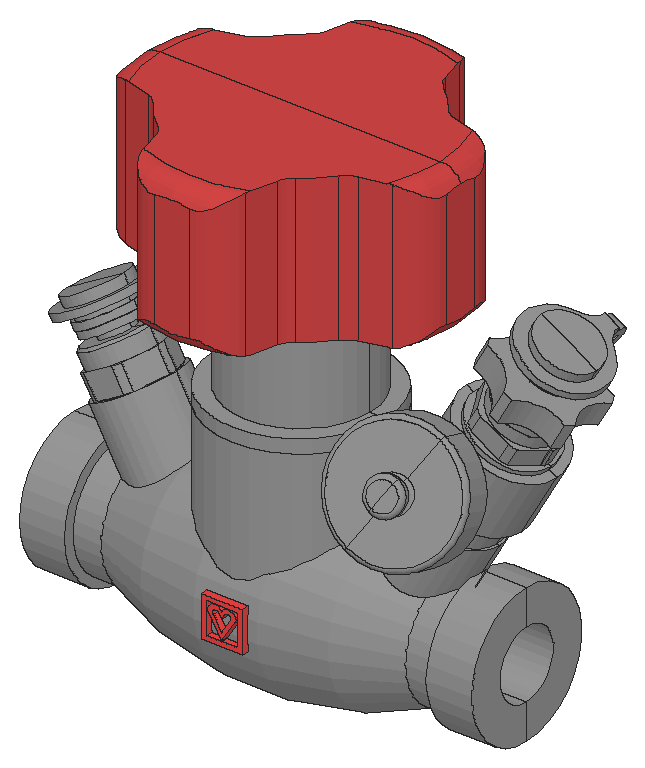
Revit family "HERZ Strömax Commissioning Valve With Test Points, Straight Body 4217 GML (LF-MF)", category Rohrzubehör, Revit 2018
Family settings
  Bemaßung runder Anschluss = Durchmesser verwenden
  Teiletyp = Unterbricht
  OmniClass-Nummer = 23.65.55.14
  OmniClass-Titel = Valves for Liquid Services
  Arbeitsebenenbasiert = Nein
  Immer vertikal = Ja
  Beim Laden mit Abzugskörper schneiden = Nein
  Gemeinsam genutzt = Nein
Parameters (values of type "MF")
  kvs-value [instance] = if(and(LF, Nennweite = 15.00 mm), 0.93, if(and(MF, Nennweite = 15.00 mm), 3.49, 0))  # 3.49
  W02 = 60.00°  # constant formula
  W01 = 30.00°  # constant formula
  URL = "www.herzvalves.com"
  SC_NennweiteBerechnet = 0
  SC_Dimension = ""
  SCRNSEQ = "ARM;ARM_TYP=\"STRV\";2"
  SCRNCODE = "05;07;02"  # constant formula
  S02 = 60.00 mm  # constant formula
  S01 [instance] = H00 + H01  # 68.20 mm
  R01 [instance] = 21.00 mm  # constant formula
  Part number [instance] = if(and(LF, Nennweite = 15.00 mm), 1421710, if(and(MF, Nennweite = 15.00 mm), 1421719, 0))  # 1421719
  Nennweite [instance] = 15.00 mm
  Model = "STRÖMAX-GML commissioning valve with test points and capillary connection 1/2′′ – 3′′:\r\nScrew down model, brass version, socket x socket, non-rising spindle, spindle seal by means of double-O-ring, presetting by limitation of valve lift by means of internal spindle;\r\ndigital display of presetting step at the hand wheel window.\r\nOne standard test point and one test point fitted with a capillary connection are located adjacent to the hand wheel."
  Medium = "Water purity in accordance with the OeNORM H5195 and VDI 2035 standards.\r\nEthylene and propylene glycol can be mixed to a ratio of 25 - 50 vol. [%]."
  Max. operating pressure = 1600000.0 Pa  # constant formula
  Max. operating temperature (up to DN32) = 130 °C  # constant formula
  Max. operating temperature (from DN40) = 110 °C  # constant formula
  ML02 [instance] = 30.20 mm  # constant formula
  ML01 [instance] = 20.67 mm  # constant formula
  MF [instance] = yes
  MD01 = 9.50 mm  # constant formula
  LF [instance] = no
  L02 [instance] = 10.00 mm  # constant formula
  L01 [instance] = 16.30 mm  # constant formula
  L00 [instance] = 100.00 mm  # constant formula
  IG [instance] = Nennweite / 2  # 7.50 mm
  Hersteller = "HERZ Armaturen Ges.m.b.H."  # constant formula
  H04 [instance] = 2.50 mm  # constant formula
  H03 = 10.00 mm  # constant formula
  H02 [instance] = 3.00 mm  # constant formula
  H01 [instance] = 33.30 mm  # constant formula
  H00 [instance] = 34.90 mm  # constant formula
  Weight [instance] = if(and(LF, Nennweite = 15.00 mm), "0.98 kg", if(and(MF, Nennweite = 15.00 mm), "0.97 kg", "0 kg"))  # "0.97 kg"
  GT [instance] = 15.00 mm  # constant formula
  Field of application = "For hydraulic balancing in heating and cooling systems, adjustment of distribution mains, circuits, heat exchangers, heating and cooling registers, etc."
  Installation position = "The non-rising valve spindle arranged perpendicular to the valve axis guarantees optimum accessibility and optimum valve operation in any installation position."
  Differential pressure measurement = "STRÖMAX-GML commissioning valve is equipped with two test points.\r\nThe differential pressure can be measured using a suitable measuring instrument, which permits calculation of the flow rate as a function of the respective presetting step.\r\nThe HERZ-Measuring computer (1 8900 05) permits direct flow rate reading (consult the equipment manual)."
  DN50-DN80 [instance] = H00 + H01  # 68.20 mm
  DN15-DN40 [instance] = H00 + H01  # 68.20 mm
  DN15 [instance] = Nennweite = 15.00 mm  # yes
  D06 [instance] = 15.40 mm  # constant formula
  D05 [instance] = 13.15 mm  # constant formula
  D04 = 9.00 mm  # constant formula
  D03 [instance] = 19.00 mm  # constant formula
  D02 [instance] = 15.25 mm  # constant formula
  D01 [instance] = 13.20 mm  # constant formula
  Body = "DZR brass"  # constant formula
Types (3, lengths in mm): name | kvs-value | Part number | MF | LF | Weight
  (no name) | 3.49 | 1421719 | yes | no | "0.97 kg"
  LF | 0.93 | 1421710 | no | yes | "0.98 kg"
  MF | 3.49 | 1421719 | yes | no | "0.97 kg"
Reference planes
  plane 1 "Mitte (Vorne/hinten)": y = 0
  plane 2: z = 0
  plane 3 "Mitte (Links/rechts)": x = 0
Forms (mm)
  Revolve 1, solid, material "Messing, weicher Gelbton, geschweißt", detail levels fine
    sketch origin (0, 0, 0) x (1, 0, 0) y (0, 0, 1)
      loop
        line (-50, 15.25) -> (-50, 7.5) -> (-35, 7.5) -> (-35, 0) -> (35, 0) -> (35, 7.5) -> (50, 7.5) -> (50, 15.25) -> (40, 15.25) -> (40, 13.2) -> (33.7, 13.2)
        arc (33.7, 13.2) -> (0, 21) -> (-33.7, 13.2) r 76.701
        line (-33.7, 13.2) -> (-40, 13.2) -> (-40, 15.25) -> (-50, 15.25)
      axis (-50, 0) -> (50, 0)
    angle from 0 to 360
  Revolve 2, solid, material "Messing, weicher Gelbton, geschweißt", detail levels fine
    sketch origin (0, 0, 0) x (1, 0, 0) y (0, 0, 1)
      loop
        line (20.67, 0) -> (35.77, 26.154) -> (27.543, 30.904) -> (12.443, 4.75) -> (20.67, 0)
      axis (20.67, 0) -> (35.77, 26.154)
    angle from 0 to 360
  Revolve 3, solid, material "Messing, weicher Gelbton, geschweißt", detail levels fine
    sketch origin (0, 0, 0) x (1, 0, 0) y (0, 0, 1)
      loop
        line (0, 0) -> (0, 34.9) -> (-19, 34.9) -> (-19, 0) -> (0, 0)
      axis (0, 34.9) -> (0, 0)
    angle from 0 to 360
  Revolve 4, solid, material "Messing, weicher Gelbton, geschweißt", detail levels fine
    sketch origin (0, 0, 0) x (-1, 0, 0) y (0, 0, 1)
      loop
        line (20.67, 0) -> (35.77, 26.154) -> (27.543, 30.904) -> (12.443, 4.75) -> (20.67, 0)
      axis (20.67, 0) -> (35.77, 26.154)
    angle from 0 to 360
  Revolve 5, solid, material "Messing, weicher Gelbton, geschweißt", detail levels fine
    sketch origin (0, 0, 0) x (1, 0, 0) y (0, 0, 1)
      loop
        line (0, 34.9) -> (0, 68.2) -> (-9, 68.2) -> (-9, 58.2) -> (-13.15, 58.2) -> (-13.15, 55.7) -> (-15.4, 55.7) -> (-15.4, 37.9) -> (-19, 37.9) -> (-19, 34.9) -> (0, 34.9)
      axis (0, 68.2) -> (0, 34.9)
    angle from 0 to 360
Lines and regions (mm)
  model lines, detail levels coarse+medium
    curve 1: line (-50, 0, 15.25) -> (-50, 0, -15.25)
    curve 2: line (-50, 0, -15.25) -> (50, 0, 15.25)
    curve 3: line (50, 0, 15.25) -> (50, 0, -15.25)
    curve 4: line (50, 0, -15.25) -> (-50, 0, 15.25)
    curve 5: line (0, 0, 0) -> (39.375, 0, 68.2)
    curve 6: line (13.395, 0, 83.2) -> (65.356, 0, 53.2)
    curve 7: line (-50, 15.25, 0) -> (-50, -15.25, 0)
    curve 8: line (-50, -15.25, 0) -> (50, 15.25, 0)
    curve 9: line (50, 15.25, 0) -> (50, -15.25, 0)
    curve 10: line (50, -15.25, 0) -> (-50, 15.25, 0)
    curve 11: line (0, 0, 0) -> (39.375, 68.2, 0)
    curve 12: line (13.395, 83.2, 0) -> (65.356, 53.2, 0)
Dimensions and locks
  "IG": Revolve 1 sketch curve to plane 2
  "GT": Revolve 1 sketch curve to Revolve 1 sketch curve  (x2)
  "IG": Revolve 1 sketch curve to Revolve 1 sketch curve
  "D01": Revolve 1 sketch curve to Revolve 1 sketch curve  (x2)
  "R01": Revolve 1 sketch curve to Revolve 1 sketch curve
  "L02": Revolve 1 sketch curve to Revolve 1 sketch curve  (x2)
  "L01": Revolve 1 sketch curve to Revolve 1 sketch curve  (x2)
  "D02": Revolve 1 sketch curve to plane 2  (x2)
  equal spacing: Revolve 1 sketch curve, plane 3 "Mitte (Links/rechts)", Revolve 1 sketch curve
  "L00": Revolve 1 sketch curve to Revolve 1 sketch curve
  "R01": nested 1 to plane 1 "Mitte (Vorne/hinten)"
  "ML01": Revolve 2 sketch curve to plane 3 "Mitte (Links/rechts)"
  "H00": Revolve 3 sketch curve to plane 2
  "D03": Revolve 3 sketch curve to Revolve 3 sketch curve
  "ML02": Revolve 2 sketch curve to Revolve 2 sketch curve
  "MD01": Revolve 2 sketch curve to Revolve 2 sketch curve  (x2)
  "ML02": Revolve 4 sketch curve to Revolve 4 sketch curve
  "MD01": Revolve 4 sketch curve to Revolve 4 sketch curve  (x2)
  "ML01": plane 3 "Mitte (Links/rechts)" to Revolve 4 sketch curve
  "H00": Revolve 5 sketch curve to plane 2
  "H01": Revolve 5 sketch curve to Revolve 5 sketch curve
  "D04": Revolve 5 sketch curve to Revolve 5 sketch curve
  "D03": Revolve 5 sketch curve to Revolve 5 sketch curve
  "D05": Revolve 5 sketch curve to Revolve 5 sketch curve
  "D06": Revolve 5 sketch curve to Revolve 5 sketch curve
  "H02": Revolve 5 sketch curve to Revolve 5 sketch curve
  "H03": Revolve 5 sketch curve to Revolve 5 sketch curve
  "H04": Revolve 5 sketch curve to Revolve 5 sketch curve
  "DN15-DN40": nested 2 to plane 2
  "D02": curve 4 to plane 2 to curve 2
  "D02": curve 3 to plane 2 to curve 4
  equal spacing: curve 1, plane 3 "Mitte (Links/rechts)", curve 3
  "L00": curve 1 to curve 3
  equal spacing: Revolve 1, curve 5, Revolve 1
  "S01": curve 5 to plane 2
  equal spacing: curve 6, curve 5, curve 6
  "S02": curve 6 to curve 6
  "D02": curve 8 to plane 1 "Mitte (Vorne/hinten)" to curve 10
  "D02": curve 10 to plane 1 "Mitte (Vorne/hinten)" to curve 9
  equal spacing: curve 7, plane 3 "Mitte (Links/rechts)", curve 9
  "L00": curve 7 to curve 9
  equal spacing: curve 7, curve 11, curve 9
  "S01": plane 1 "Mitte (Vorne/hinten)" to curve 11
  equal spacing: curve 12, curve 11, curve 12
  "S02": curve 12 to curve 12
  "W01": angle Revolve 2 sketch curve to plane 3 "Mitte (Links/rechts)"  (x2)
  "W01": angle plane 3 "Mitte (Links/rechts)" to Revolve 4 sketch curve  (x2)
  "W02": angle plane 2 to curve 5
  "W02": angle plane 1 "Mitte (Vorne/hinten)" to curve 11
  aligned and locked: level to plane 2
Automatic sketch dimensions
  Revolve 1 sketch curve to level = 0.00 mm  (x2)
  Revolve 1 sketch curve to Revolve 1 sketch curve = 1429.986 mm
  Revolve 1 sketch curve to Revolve 1 sketch curve = 1762.604 mm
  Revolve 2 sketch curve to level = 0.00 mm  (x2)
  Revolve 3 sketch curve to level = 0.00 mm
  Revolve 3 sketch curve to plane 3 "Mitte (Links/rechts)" = 0.00 mm  (x2)
  Revolve 3 sketch curve to Revolve 3 sketch curve = 366.045 mm
  Revolve 3 sketch curve to Revolve 3 sketch curve = 2179.415 mm
  Revolve 4 sketch curve to level = 0.00 mm  (x2)
  Revolve 5 sketch curve to plane 3 "Mitte (Links/rechts)" = 0.00 mm  (x2)
  Revolve 5 sketch curve to level = 366.045 mm
  Revolve 5 sketch curve to Revolve 5 sketch curve = 2146.115 mm
Nested families
  nested 1: "Herz-Logo-vorne" at (0, -21, 0) x (0, 1, 0) z (0, 0, 1), type "Herz-Logo-vorne", detail levels fine
  nested 2: "Strangregulierventil-Handrad-Gerade (Rot) DN15-DN40" at (0, 0, 68.2), visible <- "DN15", type "Strangregulierventil-Handrad-Gerade (Rot) DN15-DN40", detail levels fine
    with Nennweite 0.00 mm, Gewicht 0.00 kg, Bestellnummer 0
  nested 3: "Messstutzen_Band-KFE_Austritt_30Grad_(oben)" at (41.17, 0, 35.507), visible <- "DN15", type "Messstutzen_Band_Austritt_30Grad_(oben)", detail levels fine
    with Schutzkappe yes, Nennweite 0.00 mm, Gewicht 0.00 kg, Bestellnummer 0
  nested 4: "Messstutzen_Band_Eintritt_30Grad_(oben)" at (-27.02, 0, 10.999) x (-1, 0, 0) z (0, 0, 1), visible <- "DN15", type "Messstutzen_Band_Eintritt_30Grad_(oben)", detail levels fine
    with Schutzkappe yes, Nennweite 0.00 mm, Gewicht 0.00 kg, Bestellnummer 0
Connectors
  piping at (-35, 0, 0), diameter 15, driven by "Nennweite"
    settings: on Revolve 1, index 1, connector inside diameter 609.6 mm, connector length 0.00 mm, flow factor 0, pipe flow 0.0 L/s, pressure drop 0.0 Pa, fitting loss kfactor 0, connector angle 0.00°, fixture units 0, engagement length 0.00 mm, angle of deflection 0.00°, flow configuration 0, flow direction 1, fitting loss method 0, system type 29, joint type 0, gender type 0, connector reference index -1, connector utility 0, adjustable connector no, is connector primary yes, connector description ""
  piping at (35, 0, 0), diameter 15, driven by "Nennweite"
    settings: on Revolve 1, index 2, connector inside diameter 609.6 mm, connector length 0.00 mm, flow factor 0, pipe flow 0.0 L/s, pressure drop 0.0 Pa, fitting loss kfactor 0, connector angle 0.00°, fixture units 0, engagement length 0.00 mm, angle of deflection 0.00°, flow configuration 0, flow direction 2, fitting loss method 0, system type 29, joint type 0, gender type 0, connector reference index -1, connector utility 0, adjustable connector no, is connector primary no, connector description ""
Definition of nested family "Herz-Logo-vorne"
  Reference planes
    plane 1 "Mitte (Vorne/hinten)": y = 0
    plane 2: z = 0
    plane 3 "Mitte (Links/rechts)": x = 0
  Forms (mm)
    Extrusion 1, solid
      sketch origin (0.732, -0.018, 0.017) x (0, -1, 0) y (0, 0, 1)
        loop
          line (-0.018, -4.517) -> (4.482, -4.517) -> (4.482, 4.483) -> (-4.518, 4.483) -> (-4.518, -4.517) -> (-0.018, -4.517)
        loop
          line (-0.05, -3.48) -> (3.482, -3.48) -> (3.482, 3.483) -> (-3.518, 3.483) -> (-3.518, -3.48) -> (-0.05, -3.48)
        loop
          arc (-0.018, 2.383) -> (-1.543, 3.287) -> (-3.067, 2.383) r 1.738
          arc (-3.067, 2.383) -> (-3.191, 1.899) -> (-3.067, 1.415) r 1.009
          line (-3.067, 1.415) -> (-0.018, -3.281) -> (3.032, 1.415)
          arc (3.032, 1.415) -> (3.156, 1.899) -> (3.032, 2.383) r 1.009
          arc (3.032, 2.383) -> (1.507, 3.287) -> (-0.018, 2.383) r 1.738
        loop
          arc (1.885, 1.272) -> (2.005, 1.675) -> (1.885, 2.079) r 0.74
          arc (1.885, 2.079) -> (1.265, 2.416) -> (0.644, 2.079) r 0.74
          line (0.644, 2.079) -> (-0.018, 0.97) -> (-0.679, 2.079)
          arc (-0.679, 2.079) -> (-1.3, 2.416) -> (-1.921, 2.079) r 0.74
          arc (-1.921, 2.079) -> (-2.04, 1.675) -> (-1.921, 1.272) r 0.74
          line (-1.921, 1.272) -> (-0.018, -1.658) -> (1.885, 1.272)
      from 0 to 1.5
  Dimensions and locks
    aligned and locked: level to plane 2
Definition of nested family "Strangregulierventil-Handrad-Gerade (Rot) DN15-DN40"
  Parameters (values of type "Strangregulierventil-Handrad-Gerade (Rot) DN15-DN40")
    URL = "www.herz-armaturen.at"
    Nennweite [instance] = 0.00 mm
    Manufacturer = "Herz Armaturen GmbH"  # constant formula
    Gewicht [instance] = 0.00 kg
    Bestellnummer [instance] = 0
  Reference planes
    plane 1 "Mitte (Vorne/hinten)": y = 0
    plane 2: z = 0
    plane 3 "Mitte (Links/rechts)": x = 0
  Forms (mm)
    Revolve 1, solid, detail levels fine
      sketch origin (0, 0, 0) x (1, 0, 0) y (0, 0, 1)
        loop
          line (0, 0) -> (0, 24.95) -> (-30.992, 24.95)
          arc (-30.992, 24.95) -> (-34.37, 23.636) -> (-35.973, 20.386) r 5
          line (-35.973, 20.386) -> (-37, 8.65) -> (-35.986, -2.936)
          arc (-35.986, -2.936) -> (-34.383, -6.186) -> (-31.005, -7.5) r 5
          line (-31.005, -7.5) -> (-15, -7.5) -> (-15, 0) -> (0, 0)
        axis (0, 24.95) -> (0, -7.5)
      angle from 0 to 360
    Extrusion 2, void
      sketch origin (0, 0, 20.3) x (1, 0, 0) y (0, 1, 0)
        loop
          line (3.861, 35.5) -> (-3.861, 35.5)
          arc (-3.861, 35.5) -> (-8.731, 33.847) -> (-11.589, 29.571) r 8
          line (-11.589, 29.571) -> (-13.284, 23.245)
          arc (-13.284, 23.245) -> (-13.982, 21.722) -> (-15.144, 20.516) r 5
          arc (-15.144, 20.516) -> (-18.031, 18.031) -> (-20.516, 15.144) r 25.5
          arc (-20.516, 15.144) -> (-21.722, 13.982) -> (-23.245, 13.284) r 5
          line (-23.245, 13.284) -> (-29.571, 11.589)
          arc (-29.571, 11.589) -> (-33.847, 8.731) -> (-35.5, 3.861) r 8
          line (-35.5, 3.861) -> (-35.5, -3.861)
          arc (-35.5, -3.861) -> (-33.847, -8.731) -> (-29.571, -11.589) r 8
          line (-29.571, -11.589) -> (-23.245, -13.284)
          arc (-23.245, -13.284) -> (-21.722, -13.982) -> (-20.516, -15.144) r 5
          arc (-20.516, -15.144) -> (-18.031, -18.031) -> (-15.144, -20.516) r 25.5
          arc (-15.144, -20.516) -> (-13.982, -21.722) -> (-13.284, -23.245) r 5
          line (-13.284, -23.245) -> (-11.589, -29.571)
          arc (-11.589, -29.571) -> (-8.731, -33.847) -> (-3.861, -35.5) r 8
          line (-3.861, -35.5) -> (3.861, -35.5)
          arc (3.861, -35.5) -> (8.731, -33.847) -> (11.589, -29.571) r 8
          line (11.589, -29.571) -> (13.284, -23.245)
          arc (13.284, -23.245) -> (13.982, -21.722) -> (15.144, -20.516) r 5
          arc (15.144, -20.516) -> (18.031, -18.031) -> (20.516, -15.144) r 25.5
          arc (20.516, -15.144) -> (21.722, -13.982) -> (23.245, -13.284) r 5
          line (23.245, -13.284) -> (29.571, -11.589)
          arc (29.571, -11.589) -> (33.847, -8.731) -> (35.5, -3.861) r 8
          line (35.5, -3.861) -> (35.5, 3.861)
          arc (35.5, 3.861) -> (33.847, 8.731) -> (29.571, 11.589) r 8
          line (29.571, 11.589) -> (23.245, 13.284)
          arc (23.245, 13.284) -> (21.722, 13.982) -> (20.516, 15.144) r 5
          arc (20.516, 15.144) -> (18.031, 18.031) -> (15.144, 20.516) r 25.5
          arc (15.144, 20.516) -> (13.982, 21.722) -> (13.284, 23.245) r 5
          line (13.284, 23.245) -> (11.589, 29.571)
          arc (11.589, 29.571) -> (8.731, 33.847) -> (3.861, 35.5) r 8
        loop
          circle (0, 0) r 38
      from -31.266 to 7.923
  Cuts and joins
    Extrusion 2 cuts Revolve 1
  Dimensions and locks
    Revolve 1 sketch curve to Revolve 1 sketch curve = 15.00 mm
    Revolve 1 sketch curve to Revolve 1 sketch curve = 16.15 mm
    Revolve 1 sketch curve to Revolve 1 sketch curve = 16.30 mm
    angle Revolve 1 sketch curve to Revolve 1 sketch curve = 95.00°
    aligned and locked: level to plane 2
Definition of nested family "Messstutzen_Band-KFE_Austritt_30Grad_(oben)"
  Parameters (values of type "Messstutzen_Band-KFE_Austritt_30Grad_(oben)")
    URL = "www.herz-armaturen.at"
    Schutzkappe [instance] = yes
    Nennweite [instance] = 0.00 mm
    Manufacturer = "Herz Armaturen GmbH"  # constant formula
    Gewicht [instance] = 0.00 kg
    Bestellnummer [instance] = 0
  Reference planes
    plane 1 "Mitte (Vorne/hinten)": y = 0
    plane 2: z = 0
    plane 3 "Mitte (Links/rechts)": x = 0
  Forms (mm)
    Revolve 1, solid, detail levels fine
      sketch origin (0, 0, 0) x (0.866025, 0, -0.5) y (0.5, 0, 0.866025)
        loop
          line (-7.4, 9) -> (-5.55, 9) -> (-5.55, 6)
          arc (-5.55, 6) -> (-5.626, 5.617) -> (-5.843, 5.293) r 1
          line (-5.843, 5.293) -> (-6.455, 4.681) -> (-6.455, 0.9) -> (-5.555, 0) -> (-2, 0) -> (-2, 23) -> (-2, 35.8) -> (-3.805, 35.8) -> (-4.415, 35.19) -> (-4.415, 30.863) -> (-3.7, 30.45) -> (-3.7, 27) -> (-7.4, 27) -> (-7.4, 9)
        axis (0, 0) -> (0, 35.8)
      angle from 0 to 360
    Extrusion 2, solid, detail levels fine
      sketch origin (8.75, 0, 15.155) x (0, 1, 0) y (-0.866025, 0, 0.5)
        loop
          arc (-7.07, 5.156) -> (-7.578, 4.375) -> (-8, 3.544) r 8.75
          line (-8, 3.544) -> (-8, -3.544)
          arc (-8, -3.544) -> (-7.578, -4.375) -> (-7.07, -5.156) r 8.75
          line (-7.07, -5.156) -> (-0.93, -8.7)
          arc (-0.93, -8.7) -> (0, -8.75) -> (0.93, -8.7) r 8.75
          line (0.93, -8.7) -> (7.07, -5.156)
          arc (7.07, -5.156) -> (7.578, -4.375) -> (8, -3.544) r 8.75
          line (8, -3.544) -> (8, 3.544)
          arc (8, 3.544) -> (7.578, 4.375) -> (7.07, 5.156) r 8.75
          line (7.07, 5.156) -> (0.93, 8.7)
          arc (0.93, 8.7) -> (0, 8.75) -> (-0.93, 8.7) r 8.75
          line (-0.93, 8.7) -> (-7.07, 5.156)
      from -5.51 to -1.21
    Revolve 3, solid, visible <- "Schutzkappe", detail levels fine
      sketch origin (0, 0, 0) x (0.866025, 0, -0.5) y (0.5, 0, 0.866025)
        loop
          line (0, 35.878) -> (0, 36.678) -> (-7, 36.678) -> (-7, 33.378) -> (-6.1, 33.378) -> (-6.1, 31.678) -> (-6.9, 31.678) -> (-6.9, 30.178) -> (-4.415, 30.178) -> (-4.415, 35.268) -> (-3.805, 35.878) -> (0, 35.878)
        axis (0, 30.178) -> (0, 36.678)
      angle from 0 to 360
    Extrusion 4, solid, detail levels fine
      sketch origin (15, 0, 25.981) x (0, 1, 0) y (0.866025, 0, -0.5)
        loop
          circle (0, 0) r 3.7
        loop
          arc (5.505, -3.906) -> (7.288, -2.358) -> (9.582, -1.8) r 5
          line (9.582, -1.8) -> (9.582, 1.8)
          arc (9.582, 1.8) -> (7.288, 2.358) -> (5.505, 3.906) r 5
          arc (5.505, 3.906) -> (-6.75, 0) -> (5.505, -3.906) r 6.75
      from 0 to -1.5
    Extrusion 5, solid, detail levels fine
      sketch origin (16.589, 0, 28.733) x (0, 1, 0) y (0.866025, 0, -0.5)
        loop
          circle (0, 0) r 6.1
        loop
          arc (8.652, -4.495) -> (10.493, -2.527) -> (13.089, -1.8) r 5
          line (13.089, -1.8) -> (13.089, 1.8)
          arc (13.089, 1.8) -> (10.493, 2.527) -> (8.652, 4.495) r 5
          arc (8.652, 4.495) -> (-9.75, 0) -> (8.652, -4.495) r 9.75
      from 0 to -1.5
    Sweep 6, solid, detail levels fine
      path origin (0, 0, 0) x (-0.5, 0, -0.866025) y (0, 1, 0)
        loop
          line (-29.25, 9.582) -> (-29.25, 14.522)
          arc (-29.25, 14.522) -> (-30.839, 16.112) -> (-32.428, 14.522) r 1.589
          line (-32.428, 14.522) -> (-32.428, 13.089)
      profile origin (14.625, 12.052, 25.331) x (0.5, 0, 0.866025) y (0.866025, 0, -0.5)
        loop
          line (-0.75, -1.8) -> (0.75, -1.8) -> (0.75, 1.8) -> (-0.75, 1.8) -> (-0.75, -1.8)
    Extrusion 7, solid, detail levels fine
      sketch origin (-87.639, 0, 50.598) x (0.866025, 0, -0.5) y (0, 1, 0)
        loop
          arc (112.053, 5.113) -> (111.589, 6) -> (111.053, 6.845) r 12
          arc (111.053, 6.845) -> (105.696, 7.794) -> (102.196, 11.958) r 7.971
          arc (102.196, 11.958) -> (101.196, 12) -> (100.196, 11.958) r 12
          arc (100.196, 11.958) -> (96.696, 7.794) -> (91.34, 6.845) r 7.971
          arc (91.34, 6.845) -> (90.804, 6) -> (90.34, 5.113) r 12
          arc (90.34, 5.113) -> (92.196, 0) -> (90.34, -5.113) r 7.971
          arc (90.34, -5.113) -> (90.804, -6) -> (91.34, -6.845) r 12
          arc (91.34, -6.845) -> (96.696, -7.794) -> (100.196, -11.958) r 7.971
          arc (100.196, -11.958) -> (101.196, -12) -> (102.196, -11.958) r 12
          arc (102.196, -11.958) -> (105.696, -7.794) -> (111.053, -6.845) r 7.971
          arc (111.053, -6.845) -> (111.589, -6) -> (112.053, -5.113) r 12
          arc (112.053, -5.113) -> (110.196, 0) -> (112.053, 5.113) r 7.971
      from 22.3 to 28.5
    Revolve 8, solid, detail levels fine
      sketch origin (-47.563, 0, 4.367) x (-0.866025, 0, 0.5) y (0.5, 0, 0.866025)
        loop
          line (-43.374, 0) -> (-37.874, 0) -> (-36.774, 1.1) -> (-36.774, 4.9) -> (-37.874, 6) -> (-37.874, 8.4) -> (-36.424, 8.4) -> (-36.424, 9.2) -> (-34.424, 9.2) -> (-34.424, 15.59) -> (-31.874, 15.59) -> (-31.874, 30.99) -> (-33.874, 30.99) -> (-33.874, 31.99) -> (-43.374, 31.99) -> (-43.374, 0)
        loop
          line (-43.374, 39) -> (-43.374, 36.29) -> (-35.874, 36.29) -> (-35.874, 39) -> (-43.374, 39)
        axis (-43.374, 39) -> (-43.374, 0)
      angle from 0 to 360
    Revolve 9, solid, detail levels fine
      sketch origin (0, 0, 0) x (0, -1, 0) y (0.5, 0, 0.866025)
        loop
          line (0, -1.01) -> (32.627, 14.204) -> (27.556, 25.08) -> (25.934, 25.67) -> (21.602, 23.65) -> (14.873, 11.994) -> (-2.324, 3.975) -> (0, -1.01)
        axis (32.627, 14.204) -> (0, -1.01)
      angle from 0 to 360
    Revolve 10, solid, detail levels fine
      sketch origin (-19.899, -51.188, -34.465) x (-0.453154, -0.422618, -0.784886) y (0.211309, -0.906308, 0.365998)
        loop
          line (-56.786, 8) -> (-45.747, 8) -> (-45.747, 0) -> (-43.834, 0) -> (-42.786, 1.048) -> (-42.786, 8.048)
          arc (-42.786, 8.048) -> (-43.065, 8.721) -> (-43.738, 9) r 0.952
          line (-43.738, 9) -> (-52.974, 9)
          arc (-52.974, 9) -> (-53.548, 9.238) -> (-53.786, 9.812) r 0.812
          line (-53.786, 9.812) -> (-53.786, 12) -> (-52.786, 12) -> (-52.786, 13.03)
          arc (-52.786, 13.03) -> (-53.07, 13.716) -> (-53.756, 14) r 0.97
          line (-53.756, 14) -> (-56.786, 14) -> (-56.786, 8)
        axis (-56.786, 14) -> (-56.786, 0)
      angle from 0 to 360
  Dimensions and locks
    aligned and locked: level to plane 2
Definition of nested family "Messstutzen_Band_Eintritt_30Grad_(oben)"
  Parameters (values of type "Messstutzen_Band_Eintritt_30Grad_(oben)")
    URL = "www.herz-armaturen.at"
    Schutzkappe [instance] = yes
    Nennweite [instance] = 0.00 mm
    Manufacturer = "Herz Armaturen GmbH"  # constant formula
    Gewicht [instance] = 0.00 kg
    Bestellnummer [instance] = 0
  Reference planes
    plane 1 "Mitte (Vorne/hinten)": y = 0
    plane 2: z = 0
    plane 3 "Mitte (Links/rechts)": x = 0
  Forms (mm)
    Revolve 1, solid, detail levels fine
      sketch origin (0, 0, 0) x (0.866025, 0, -0.5) y (0.5, 0, 0.866025)
        loop
          line (-7.4, 9) -> (-5.55, 9) -> (-5.55, 6)
          arc (-5.55, 6) -> (-5.626, 5.617) -> (-5.843, 5.293) r 1
          line (-5.843, 5.293) -> (-6.455, 4.681) -> (-6.455, 0.9) -> (-5.555, 0) -> (-2, 0) -> (-2, 17.5) -> (-8.4, 17.5)
          arc (-8.4, 17.5) -> (-7.693, 17.207) -> (-7.4, 16.5) r 1
          line (-7.4, 16.5) -> (-7.4, 9)
        loop
          line (-3.7, 27) -> (-7.3, 27) -> (-7.9, 26.4) -> (-7.9, 23) -> (-2, 23) -> (-2, 35.8) -> (-3.805, 35.8) -> (-4.415, 35.19) -> (-4.415, 30.863) -> (-3.7, 30.45) -> (-3.7, 27)
        axis (0, 0) -> (0, 35.8)
      angle from 0 to 360
    Extrusion 2, solid, detail levels fine
      sketch origin (8.75, 0, 15.155) x (0, 1, 0) y (-0.866025, 0, 0.5)
        loop
          arc (-7.07, 5.156) -> (-7.578, 4.375) -> (-8, 3.544) r 8.75
          line (-8, 3.544) -> (-8, -3.544)
          arc (-8, -3.544) -> (-7.578, -4.375) -> (-7.07, -5.156) r 8.75
          line (-7.07, -5.156) -> (-0.93, -8.7)
          arc (-0.93, -8.7) -> (0, -8.75) -> (0.93, -8.7) r 8.75
          line (0.93, -8.7) -> (7.07, -5.156)
          arc (7.07, -5.156) -> (7.578, -4.375) -> (8, -3.544) r 8.75
          line (8, -3.544) -> (8, 3.544)
          arc (8, 3.544) -> (7.578, 4.375) -> (7.07, 5.156) r 8.75
          line (7.07, 5.156) -> (0.93, 8.7)
          arc (0.93, 8.7) -> (0, 8.75) -> (-0.93, 8.7) r 8.75
          line (-0.93, 8.7) -> (-7.07, 5.156)
      from 0 to 5.5
    Revolve 3, solid, visible <- "Schutzkappe", detail levels fine
      sketch origin (0, 0, 0) x (0.866025, 0, -0.5) y (0.5, 0, 0.866025)
        loop
          line (0, 35.878) -> (0, 36.678) -> (-7, 36.678) -> (-7, 33.378) -> (-6.1, 33.378) -> (-6.1, 31.678) -> (-6.9, 31.678) -> (-6.9, 30.178) -> (-4.415, 30.178) -> (-4.415, 35.268) -> (-3.805, 35.878) -> (0, 35.878)
        axis (0, 30.178) -> (0, 36.678)
      angle from 0 to 360
    Extrusion 4, solid, detail levels fine
      sketch origin (14.25, 0, 24.682) x (0, 1, 0) y (0.866025, 0, -0.5)
        loop
          circle (0, 0) r 3.7
        loop
          arc (5.505, -3.906) -> (7.288, -2.358) -> (9.582, -1.8) r 5
          line (9.582, -1.8) -> (9.582, 1.8)
          arc (9.582, 1.8) -> (7.288, 2.358) -> (5.505, 3.906) r 5
          arc (5.505, 3.906) -> (-6.75, 0) -> (5.505, -3.906) r 6.75
      from 0 to -1.5
    Extrusion 5, solid, detail levels fine
      sketch origin (16.589, 0, 28.733) x (0, 1, 0) y (0.866025, 0, -0.5)
        loop
          circle (0, 0) r 6.1
        loop
          arc (8.652, -4.495) -> (10.493, -2.527) -> (13.089, -1.8) r 5
          line (13.089, -1.8) -> (13.089, 1.8)
          arc (13.089, 1.8) -> (10.493, 2.527) -> (8.652, 4.495) r 5
          arc (8.652, 4.495) -> (-9.75, 0) -> (8.652, -4.495) r 9.75
      from 0 to -1.5
    Sweep 6, solid, detail levels fine
      path origin (0.933, -0.183, 1.116) x (-0.5, 0, -0.866025) y (0, 1, 0)
        loop
          line (-27.75, 9.582) -> (-27.75, 14.522)
          arc (-27.75, 14.522) -> (-30.089, 16.862) -> (-32.428, 14.522) r 2.339
          line (-32.428, 14.522) -> (-32.428, 13.089)
      profile origin (14.808, 11.869, 25.148) x (0.5, 0, 0.866025) y (0.866025, 0, -0.5)
        loop
          line (-0.75, -1.8) -> (0.75, -1.8) -> (0.75, 1.8) -> (-0.75, 1.8) -> (-0.75, -1.8)
  Dimensions and locks
    aligned and locked: level to plane 2
